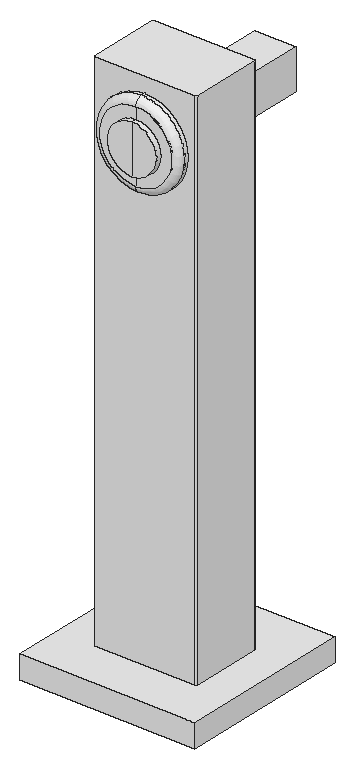
Revit family "Spout-GROHE-Eurocube-13307000", category Plumbing Fixtures, host Face, Revit 2014
Parameters (values of type "13307000")
  Width = 2 3/8"  # constant formula
  Warranty Documentation Link = "https://cdn.cloud.grohe.com/tpi/1000/1900/1940/1949/1949006/original/1949006.pdf"
  URL = "https://www.grohe.us/"
  Type Comments = ""
  Tempered Connection Radius = Tempered Connection Diameter / 2  # 1/4"
  Tempered Connection Diameter = Hot Water Connection Diameter  # 1/2"
  Shipping Weight = 2.458 lbf
  Product Page URL = "https://www.grohe.us/en_us/tub-spout-13307000.html"
  Price = "Prices may vary. Please consult Manufacturer Representative for most up-to-date price list."  # constant formula
  Model = "13307000"
  Material = "Metal-Grohe-000-Chrome"
  Manufacturer = "Grohe"
  Length = 6 11/16"  # constant formula
  Installation Type = "Wall Mounted"
  Hot Water Connection Radius = Hot Water Connection Diameter / 2  # 1/4"
  Hot Water Connection Diameter = Cold Water Connection Diameter  # 1/2"
  Height = 2 3/8"  # constant formula
  Flow Rate = "6.9 gpm at 45 psi (26.1 L/min), 2.5 gpm (9.5 L/min) for Shower Hand"
  Finish = Metal-Grohe-000-Chrome
  Description = "Eurocube Bath spout"
  Default Elevation = 21"  # constant formula
  Creation Date = "07/06/2017"  # constant formula
  Cold Water Connection Radius = 1/4"  # constant formula
  Cold Water Connection Diameter = Cold Water Connection Radius * 2  # 1/2"
  Assembly Code = "D2090800"
Reference planes (in)
  plane 1 "Center (Front/Back)": y = 0
  plane 2: z = 0
  plane 3 "Center (Left/Right)": x = 0
  plane 4: y = 1.1875
  plane 5: y = -1.1875
  plane 6: z = 0.3125
  plane 7: z = 6.6875
  plane 8: x = 1.1875
  plane 9: x = -1.1875
  plane 10: z = 6.00735
  plane 11: z = 7.47335
  plane 12: x = 0.27913
  plane 13: x = -0.27913
Forms (in)
  Extrusion 1, solid, material "Metal-Grohe-000-Chrome" <- "Finish"
    sketch origin (0, 0, 0) x (1, 0, 0) y (0, 1, 0)
      loop
        arc (-0.67614, 0.46273) -> (-0.69221, 0.45608) -> (-0.69886, 0.44001) r 0.02272
        line (-0.69886, 0.44001) -> (-0.69886, -0.52709)
        arc (-0.69886, -0.52709) -> (-0.69211, -0.54339) -> (-0.67582, -0.55014) r 0.02304
        line (-0.67582, -0.55014) -> (0.67427, -0.55014)
        arc (0.67427, -0.55014) -> (0.69166, -0.54293) -> (0.69886, -0.52555) r 0.02459
        line (0.69886, -0.52555) -> (0.69886, 0.44001)
        arc (0.69886, 0.44001) -> (0.69221, 0.45608) -> (0.67614, 0.46273) r 0.02272
        line (0.67614, 0.46273) -> (-0.67614, 0.46273)
    from 0 to 7.47335
  Extrusion 2, solid, material "Metal-Grohe-000-Chrome" <- "Finish"
    sketch origin (0, 0, 0) x (1, 0, 0) y (0, 1, 0)
      loop
        line (-1.1875, 1.1875) -> (-1.1875, -1.1875) -> (1.1875, -1.1875) -> (1.1875, 1.1875) -> (-1.1875, 1.1875)
    from 0 to 0.3125
  Revolve 3, solid, material "Metal-Grohe-000-Chrome" <- "Finish"
    sketch origin (0, 0, 0.68015) x (0, 1, 0) y (0, 0, 1)
      loop
        line (1.02161, 6.21373) -> (-0.2113, 6.21373) -> (-0.2113, 6.59237) -> (-0.6048, 6.59237)
        arc (-0.6048, 6.59237) -> (-0.67231, 6.56441) -> (-0.70027, 6.4969) r 0.09547
        line (-0.70027, 6.4969) -> (-0.70027, 6.33915) -> (-0.77012, 6.33915) -> (-0.77012, 6.00735) -> (1.02161, 6.00735) -> (1.02161, 6.21373)
      axis (-0.77012, 6.00735) -> (1.02161, 6.00735)
    angle from 0 to 360
  Extrusion 4, solid, material "Metal-Grohe-000-Chrome" <- "Finish"
    sketch origin (0, 0, 0.68015) x (0, 1, 0) y (0, 0, 1)
      loop
        line (1.66886, 6.27808) -> (0.97084, 6.27808) -> (0.97084, 5.73306) -> (1.66886, 5.73306) -> (1.66886, 6.27808)
    from -0.27913 to 0.27913
Cuts and joins
  joined: Extrusion 1, Extrusion 2, Revolve 3, Extrusion 4
Lines and regions (in)
  Masking region 1
    outline origin (0, 0, 0) x (1, 0, 0) y (0, 0, 1)
      loop
        line (0.69886, 7.47335) -> (-0.69886, 7.47335) -> (-0.69886, 0.3125) -> (-1.1875, 0.3125) -> (-1.1875, 0) -> (1.1875, 0) -> (1.1875, 0.3125) -> (0.69886, 0.3125) -> (0.69886, 7.47335)
  symbolic lines, detail levels fine
    curve 1: line (0.69886, 0, 0.3125) -> (-0.69886, 0, 0.3125)
  symbolic lines, style "PlumbingFixtures", detail levels medium+fine
    curve 2: line (0.27913, 0, 6.95823) -> (-0.27913, 0, 6.95823)
    curve 3: line (0.27913, 0, 6.4132) -> (0.27913, 0, 6.95823)
    curve 4: line (-0.27913, 0, 6.4132) -> (0.27913, 0, 6.4132)
    curve 5: line (-0.27913, 0, 6.95823) -> (-0.27913, 0, 6.4132)
Dimensions and locks (in)
  plane 4 to plane 1 "Center (Front/Back)" = 1 3/16"
  plane 6 to level = 5/16"
  plane 7 to level = 6 11/16"
  aligned and locked: plane 2 to host face
  aligned and locked: level to host face
Connectors (in)
  piping at (0, 0, 0), diameter 0.5, driven by "Tempered Connection Diameter"
    settings: on cut or joined group of Extrusion 1, Extrusion 2, Revolve 3, Extrusion 4, index 1, connector inside diameter 24", connector length 0", flow factor 0, pipe flow 0 GPM, pressure drop 0.00 psi, fitting loss kfactor 0, connector angle 0.00°, fixture units 0, engagement length 0", angle of deflection 0.00°, flow configuration 0, flow direction 1, fitting loss method 0, system type 29, joint type 0, gender type 0, connector reference index -1, connector utility 0, adjustable connector no, is connector primary yes, connector description "1/2\" NPT Supply Inlet"
